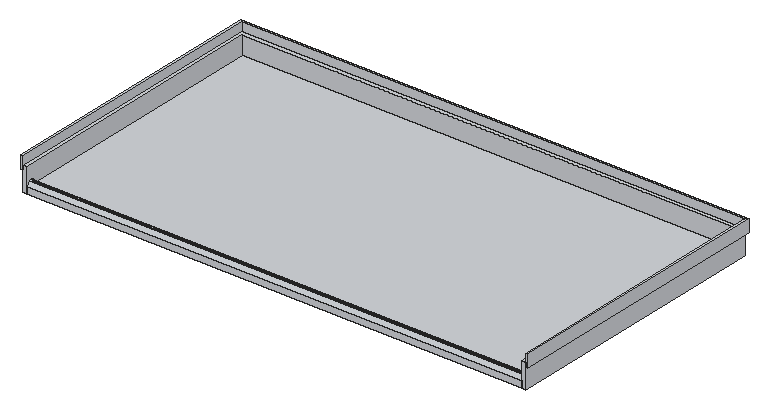
Revit family "Shower_Base-Willoughby AS-S3060ADAF-C", category Plumbing Fixtures, Revit 2015
Parameters (values of type "Center Drain")
  Waste Connection = no
  Vent Connection = no
  URL = "https://www.willoughby-ind.com/wp-content/uploads/2018/01/AS-S3060ADAF.pdf"
  Revision = "A"
  Model = "AS-S3060ADAF-C"
  Manufacturer = "Willoughby Industries"
  Location Drain = 2' - 7 1/4"
  HW Connection = no
  Drain Front Edge = 0' - 3 1/2"
  Description = "30\" X 60\" Shower Base, Front Trench, Center Drain"
  Contact number = "(800) 428-4065"
  CW Connection = no
Reference planes (in)
  plane 1 "Center (Front/Back)": y = 0
  plane 2: z = 0
  plane 3 "Center (Left/Right)": x = 0
Forms (in)
  Extrusion 1, solid
    sketch origin (0, 0, 0) x (1, 0, 0) y (0, 1, 0)
      loop
        line (-30.5, 0) -> (-30.5, -18) -> (30.5, -18) -> (30.5, 15.25) -> (-30.5, 15.25) -> (-30.5, 0)
    from 0 to 0.75
  Extrusion 2, solid
    sketch origin (0, 0, 0) x (1, 0, 0) y (0, 1, 0)
      loop
        line (-30.5, -18) -> (-30.5, 15.25) -> (30.5, 15.25) -> (30.5, -18) -> (31, -18) -> (31, 15.75) -> (-31, 15.75) -> (-31, -18) -> (-30.5, -18)
    from 0 to 3
  Extrusion 3, solid
    sketch origin (0, 0, 0) x (1, 0, 0) y (0, 1, 0)
      loop
        line (-31.25, -18) -> (-31, -18) -> (-31, 15.75) -> (31, 15.75) -> (31, -18) -> (31.25, -18) -> (31.25, 16) -> (-31.25, 16) -> (-31.25, -18)
    from 2.5 to 4
  Extrusion 4, solid
    sketch origin (0, 0, 0) x (1, 0, 0) y (0, 1, 0)
      loop
        circle (0, -14.5) r 1
    from -1.5625 to 0
  Extrusion 5, solid
    sketch origin (0, 0, 0) x (0, 1, 0) y (0, 0, 1)
      loop
        line (-18, 0.75) -> (-16.875, 0.75) -> (-17.18771, 1.27118)
        arc (-17.18771, 1.27118) -> (-17.26968, 1.34416) -> (-17.375, 1.375) r 0.25
        line (-17.375, 1.375) -> (-17.5, 1.375)
        arc (-17.5, 1.375) -> (-17.60532, 1.34416) -> (-17.68729, 1.27118) r 0.25
        line (-17.68729, 1.27118) -> (-18, 0.75)
    from -30.5 to 30.5
Dimensions and locks (in)
  "Drain Front Edge": Extrusion 1 to Extrusion 4 sketch curve
  "Location Drain": Extrusion 3 to Extrusion 4 sketch curve
  aligned and locked: level to plane 2
  aligned and locked: Extrusion 5 to Extrusion 2
  aligned and locked: Extrusion 2 to Extrusion 1 sketch curve
  aligned and locked: Extrusion 1 sketch curve to Extrusion 2  (x2)
Automatic sketch dimensions
  Extrusion 2 sketch curve to plane 3 "Center (Left/Right)" = 2' - 7"
  Extrusion 2 sketch curve to Extrusion 2 sketch curve = 0' - 0 1/2"  (x3)
  plane 3 "Center (Left/Right)" to Extrusion 2 sketch curve = 2' - 6 1/2"
  plane 1 "Center (Front/Back)" to Extrusion 2 sketch curve = 1' - 6"  (x2)
  Extrusion 2 sketch curve to plane 1 "Center (Front/Back)" = 1' - 3 1/4"
  level to Extrusion 5 sketch curve = 0' - 0 3/4"
  plane 1 "Center (Front/Back)" to Extrusion 5 sketch curve = 1' - 6"
  level to Extrusion 5 sketch curve = 0' - 1.27118"  (x2)
  Extrusion 5 sketch curve to Extrusion 5 sketch curve = 0' - 0.31271"  (x2)
  Extrusion 5 sketch curve to Extrusion 5 sketch curve = 0' - 0.18729"  (x2)
  Extrusion 5 sketch curve to Extrusion 5 sketch curve = 0' - 0.20317"
  Extrusion 5 sketch curve to Extrusion 5 sketch curve = 0' - 0.09324"
  Extrusion 5 sketch curve to Extrusion 5 sketch curve = 0' - 0 1/8"
  Extrusion 5 sketch curve to Extrusion 5 sketch curve = 0' - 0.14568"
  Extrusion 3 sketch curve to plane 3 "Center (Left/Right)" = 2' - 7 1/4"
  Extrusion 3 sketch curve to Extrusion 3 sketch curve = 0' - 0 1/4"  (x3)
  plane 3 "Center (Left/Right)" to Extrusion 3 sketch curve = 2' - 7"
  plane 1 "Center (Front/Back)" to Extrusion 3 sketch curve = 1' - 6"  (x2)
  Extrusion 3 sketch curve to plane 1 "Center (Front/Back)" = 1' - 3 3/4"
  plane 1 "Center (Front/Back)" to Extrusion 1 sketch curve = 0' - 0"
  plane 1 "Center (Front/Back)" to Extrusion 1 sketch curve = 1' - 6"
  radius of Extrusion 4 sketch curve = 0' - 1"
